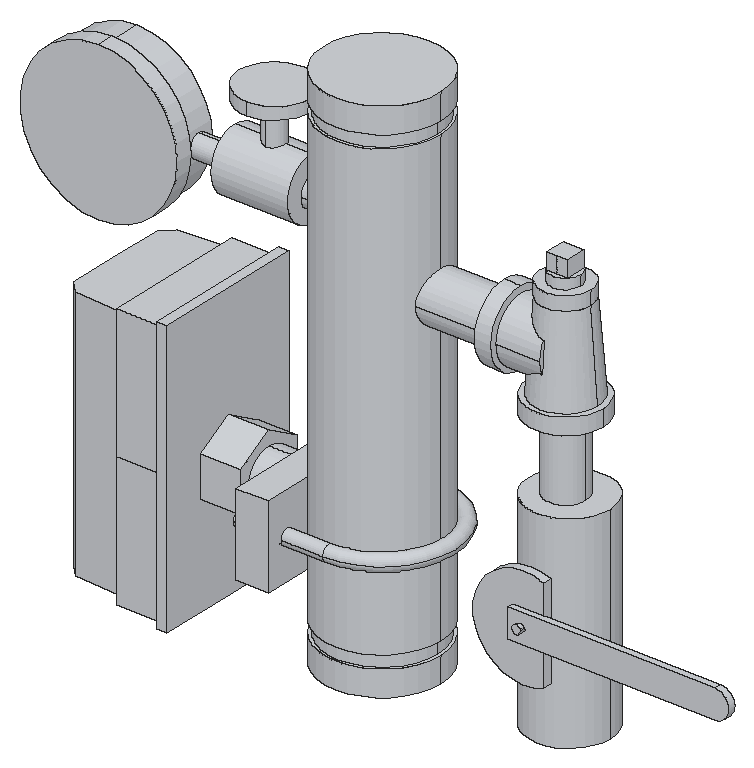
Revit family
Reference planes (in)
  plane 1 "Center (Front/Back)": y = 0
  plane 2: z = 0
  plane 3 "Center (Left/Right)": x = 0
Dimensions and locks (in)
  aligned and locked: plane 2 to level
Nested families (in)
  nested 1: "25FC" at (0, 0, 0), type "RASCO CR COMMERCIAL RISER"
Connectors (in)
  piping at (0, 0, 13)
    settings: on nested 1, index 1, connector radius 1 1/2", flow factor 0, pipe flow 0 GPM, pressure drop 0.00 psi, fitting loss kfactor 0, connector angle 0.00°, fixture units 0, flow configuration 0, flow direction 0, fitting loss method 0, system type 7, connector reference index -1, connector utility 0, adjustable connector no, is connector primary yes, fitting loss table "", connector description ""
  piping at (4.58942, 0.00505, 0.25)
    settings: on nested 1, index 2, connector radius 1", flow factor 0, pipe flow 0 GPM, pressure drop 0.00 psi, fitting loss kfactor 0, connector angle 0.00°, fixture units 0, flow configuration 0, flow direction 0, fitting loss method 0, system type 7, connector reference index -1, connector utility 0, adjustable connector no, is connector primary no, fitting loss table "", connector description ""
  piping at (0, 0, 0)
    settings: on nested 1, index 3, connector radius 1 1/2", flow factor 0, pipe flow 0 GPM, pressure drop 0.00 psi, fitting loss kfactor 0, connector angle 0.00°, fixture units 0, flow configuration 0, flow direction 0, fitting loss method 0, system type 7, connector reference index -1, connector utility 0, adjustable connector no, is connector primary no, fitting loss table "", connector description ""
Definition of nested family "25FC"
  Reference planes (in)
    plane 1 "Center (Front/Back)": y = 0
    plane 2: z = 0
    plane 3 "Center (Left/Right)": x = 0
    plane 4 "ref.1": z = 0.63009
    plane 5 "TOP": z = 13
    plane 6 "GRV": z = 12.375
    plane 7 "REF2": z = 0.94309
    plane 8: x = -8.25
    plane 9: x = 4.5
    plane 10: x = 9.75
  Forms (in)
    Extrusion 1, solid
      sketch origin (0, 0, 0) x (1, 0, 0) y (0, 1, 0)
        loop
          circle (0, 0) r 1.4375
      from 0 to 0.625
    Extrusion 2, solid
      sketch origin (1.7507, 0, 6.79134) x (-1, 0, 0) y (0, -1, 0)
        loop
          circle (-2.75, 0.00522) r 0.5
      from -1.50134 to 0.55
    Extrusion 3, solid
      sketch origin (1.73877, 0, 9.9493) x (-1, 0, 0) y (0, -1, 0)
        loop
          circle (-2.75, 0) r 0.375
      from 0 to 0.2412
    Extrusion 4, solid
      sketch origin (1.73587, 0, 9.9493) x (-1, 0, 0) y (0, -1, 0)
        loop
          line (-2.753, 0.25) -> (-3.003, 0.25) -> (-3.003, -0.25) -> (-2.503, -0.25) -> (-2.503, 0) -> (-2.503, 0.25) -> (-2.753, 0.25)
      from 0.2412 to 0.64184
    Extrusion 5, solid
      sketch origin (0, 0, 0.63009) x (-1, 0, 0) y (0, -1, 0)
        loop
          circle (0, 0) r 1.36
      from 0 to 0.313
    Extrusion 6, solid
      sketch origin (0, 0, 13) x (-1, 0, 0) y (0, -1, 0)
        loop
          circle (0, 0) r 1.4375
      from 0 to -0.625
    Extrusion 7, solid
      sketch origin (0, 0, 12.375) x (-1, 0, 0) y (0, -1, 0)
        loop
          circle (0, 0) r 1.36
      from 0 to -0.313
    Extrusion 8, solid
      sketch origin (0, 0, 0.94309) x (-1, 0, 0) y (0, -1, 0)
        loop
          circle (0, 0) r 1.4375
      from 0 to 11.11891
    Extrusion 9, solid
      sketch origin (0, 0, 0) x (0, 1, 0) y (0, 0, 1)
        loop
          circle (0, 9.75) r 0.375
      from 0 to -1.84889
    Extrusion 10, solid
      sketch origin (0, 0, 0) x (0, 1, 0) y (0, 0, 1)
        loop
          circle (0, 8.52128) r 0.625
      from 0 to 3.16129
    Extrusion 11, solid
      sketch origin (-0.34863, 0, -0.14731) x (0, 1, 0) y (0, 0, 1)
        loop
          line (-0.00807, 4.24845) -> (-2.18099, 4.24845) -> (-2.18099, 2.23289) -> (-0.00807, 2.23289) -> (2.1479, 2.23289) -> (2.1479, 4.24845) -> (-0.00807, 4.24845)
      from -0.70202 to -1.5
    Sweep 12, solid
      path origin (0.01124, -0.01472, 0.94309) x (-1, 0, 0) y (0, -1, 0)
        loop
          line (2.21091, 1.61048) -> (0.02076, 1.61048)
          arc (0.02076, 1.61048) -> (-1.60424, -0.01452) -> (0.02076, -1.63952) r 1.625
          line (0.02076, -1.63952) -> (2.21091, -1.63952)
      profile origin (-1.1046, 1.6248, 0.94309) x (0, -1, 0) y (0, 0, 1)
        loop
          circle (0, 2.14151) r 0.189
  Dimensions and locks (in)
    plane 5 "TOP" to level = 1' - 1"
    plane 10 to plane 8 = 1' - 6"
    Extrusion 6 to nested 3 = 1' - 0 3/4"
    aligned and locked: plane 2 to level
  Nested families (in)
    nested 1: "Gauge3" at (-5.80029, 0.39285, 3.84569), type "RASCO Gauge"
    nested 2: "Water Flow Detector" at (-5.10222, 0, -0.5752), type "Water Flow Detector"
    nested 3: "Test-Drain Valve" at (4.5, -0.3702, 0.25), type "Test-Drain Valve"
    nested 4: "tee3" at (4.5, 0, 7.05251), type "tee3"
    nested 5: "Globe Valve10" at (-1.5, 0, 9.07926), type "RASCO Globe Valve"
  Definition of nested family "Gauge3"
    Reference planes (in)
      plane 1 "Center (Front/Back)": y = 0
      plane 2: z = 0
      plane 3 "Center (Left/Right)": x = 0
      plane 4: z = 7.47962
      plane 5 "ref.2": y = -0.425
      plane 6 "ref.3": z = 5.65212
      plane 7 "refdt": y = -1.191
    Forms (in)
      Extrusion 1, solid
        sketch origin (6.95412, -1.191, 5.90312) x (0, 0, -1) y (-1, 0, 0)
          loop
            circle (0, 7.47962) r 1.9225
        from 0 to 0.425
      Extrusion 2, solid
        sketch origin (6.95412, -0.766, 5.90312) x (-1, 0, 0) y (0, 0, 1)
          loop
            circle (7.47962, 0) r 1.8275
        from 0 to 0.766
      Extrusion 3, solid
        sketch origin (2.43846, -1.191, 5.90312) x (0, 1, 0) y (0, 0, 1)
          loop
            circle (0.80101, 0) r 0.2725
        from 0 to -1.146
    Lines and regions (in)
      model lines
        curve 1: arc (-0.5255, -1.191, 4.25062) -> (-2.178, -1.191, 5.90312) -> (-0.5255, -1.191, 7.55562) r 1.6525
        curve 2: arc (-0.5255, -1.191, 4.42562) -> (-2.003, -1.191, 5.90312) -> (-0.5255, -1.191, 7.38062) r 1.4775
        curve 3: line (-0.5255, -1.191, 4.25062) -> (-0.5255, -1.191, 4.42562)
        curve 4: line (-0.5255, -1.191, 7.38062) -> (-0.5255, -1.191, 7.55562)
        curve 5: line (-0.32954, -1.191, 5.36925) -> (-1.42319, -1.191, 6.76906)
        curve 6: line (-1.42319, -1.191, 6.76906) -> (-0.17646, -1.191, 5.52233)
        curve 7: line (-0.17646, -1.191, 5.52233) -> (-0.32954, -1.191, 5.36925)
    Dimensions and locks (in)
      aligned and locked: plane 2 to level
  Definition of nested family "Water Flow Detector"
    Reference planes (in)
      plane 1 "Center (Front/Back)": y = 0
      plane 2: z = 0
      plane 3 "Center (Left/Right)": x = 0
    Forms (in)
      Extrusion 1, solid
        sketch origin (3.64489, -0.00807, 3.68167) x (0, 0, -1) y (0, -1, 0)
          loop
            circle (0, 0) r 0.655
        from 0 to 1.32768
      Extrusion 2, solid
        sketch origin (2.31721, -0.00807, 5.11447) x (0, -1, 0) y (0, 0, 1)
          loop
            line (0, -0.43279) -> (-0.86603, -0.93279) -> (-0.86603, -1.93279) -> (0, -2.43279) -> (0.86603, -1.93279) -> (0.86603, -0.93279) -> (0, -0.43279)
        from 0 to 1
      Extrusion 3, solid
        sketch origin (1.31721, -0.00404, 4.28167) x (0, 0, 1) y (0, 1, 0)
          loop
            line (-3.6, 0) -> (-3.6, -1.875) -> (3.15, -1.875) -> (3.15, 1.875) -> (-3.6, 1.875) -> (-3.6, 0)
        from 0 to 0.25
      Extrusion 4, solid
        sketch origin (1.06721, -0.00807, 3.68167) x (0, 0, 1) y (0, 1, 0)
          loop
            line (0.375, -1.765) -> (3.625, -1.765) -> (3.625, 1.765) -> (-2.89, 1.765) -> (-2.89, -1.765) -> (0.375, -1.765)
        from 0 to 1.062
      Extrusion 5, solid
        sketch origin (3.64477, -0.00807, 4.42051) x (-1, 0, 0) y (0, -1, 0)
          loop
            line (3.63968, 0) -> (3.63968, -1.627) -> (4.80895, -1.54524) -> (5.07768, -1.2765) -> (5.07768, 0) -> (5.07768, 1.2765) -> (4.80895, 1.54524) -> (3.63968, 1.627) -> (3.63968, 0)
        from -3.48722 to 2.75684
    Dimensions and locks (in)
      aligned and locked: plane 2 to level
  Definition of nested family "Test-Drain Valve"
    Parameters (values of type "Test-Drain Valve")
      Assembly Code = ""
    Reference planes (in)
      plane 1 "Center (Front/Back)": y = 0
      plane 2: z = 0
      plane 3 "Center (Left/Right)": x = 0
      plane 4 "ref.2": z = 1.03
    Forms (in)
      Extrusion 1, solid
        sketch origin (0.0978, 0.09564, 3.15774) x (1, 0, 0) y (0, 0, 1)
          loop
            circle (-0.00162, -0.38531) r 0.105
        from 0.56904 to 1.36107
      Extrusion 2, solid
        sketch origin (0.37389, -1.26543, 1.64423) x (0, 0, 1) y (-1, 0, 0)
          loop
            line (1.03, 0.56251) -> (0.78415, 0.56251) -> (0.78415, -4.51523)
            arc (0.78415, -4.51523) -> (1.13312, -4.8642) -> (1.48208, -4.51523) r 0.34897
            line (1.48208, -4.51523) -> (1.48208, 0.56251) -> (1.03, 0.56251)
        from -0.26148 to -0.09542
      Extrusion 3, solid
        sketch origin (0, 0, 0) x (1, 0, 0) y (0, 1, 0)
          loop
            circle (0.08942, 0.37525) r 1
        from 0 to 5.04
      Extrusion 4, solid
        sketch origin (0.27523, 0.78727, -0.10701) x (1, 0, 0) y (0, 0, 1)
          loop
            line (0.28512, 2.5) -> (0.28512, 3.93949)
            arc (0.28512, 3.93949) -> (-1.45413, 2.78922) -> (0.28512, 1.63894) r 1.25
            line (0.28512, 1.63894) -> (0.28512, 2.5)
        from 1.56371 to 1.79121
    Dimensions and locks (in)
      aligned and locked: plane 2 to level
  Definition of nested family "tee3"
    Parameters (values of type "tee3")
      Assembly Code = ""
    Reference planes (in)
      plane 1 "Center (Front/Back)": y = 0
      plane 2: z = 0
      plane 3 "Center (Left/Right)": x = 0
      plane 4 "ref.2": z = 0.4
      plane 5 "re.3": z = 2.00996
      plane 6: x = -1.5
    Forms (in)
      Extrusion 1, solid
        sketch origin (0, 0, 0) x (1, 0, 0) y (0, 1, 0)
          loop
            circle (0, 0) r 0.92
        from 0 to 0.4
      Blend 2, solid
        base sketch origin (0, 0, 0.4) x (-1, 0, 0) y (0, -1, 0)
          loop
            circle (0, 0) r 0.785
        top sketch origin (0, 0, 0.4) x (-1, 0, 0) y (0, -1, 0)
          loop
            circle (0, 0) r 0.6225
        from 0 to 2.16061
      Extrusion 3, solid
        sketch origin (-0.0036, 0, 2.00996) x (-1, 0, 0) y (0, -1, 0)
          loop
            circle (0, 0) r 0.6225
        from 0.88683 to 0.55064
      Extrusion 4, solid
        sketch origin (0, 0, 0.26952) x (0, 1, 0) y (0, 0, 1)
          loop
            circle (-0.00522, 1.18821) r 0.785
        from 0 to -1.1
      Extrusion 5, solid
        sketch origin (-1.1, 0, 1.47271) x (0, 0, 1) y (0, 1, 0)
          loop
            circle (0, 0) r 0.92
        from 0 to 0.4
    Dimensions and locks (in)
      aligned and locked: plane 2 to level
  Definition of nested family "Globe Valve10"
    Parameters (values of type "RASCO Globe Valve")
      Assembly Code = ""
    Reference planes (in)
      plane 1 "Center (Front/Back)": y = 0
      plane 2: z = 0
      plane 3 "Center (Left/Right)": x = 0
      plane 4 "ref. side": x = -0.5
      plane 5 "ref. side2": x = -1.734
      plane 6 "ref. side 4": x = -2.763
    Forms (in)
      Extrusion 1, solid
        sketch origin (-0.27216, -0.01249, 0.71909) x (0, 0, -1) y (0, -1, 0)
          loop
            circle (0, 0) r 0.75
        from -0.06079 to 1.82121
      Extrusion 2, solid
        sketch origin (-0.27501, -0.00978, 1.2975) x (0, 1, 0) y (-1, 0, 0)
          loop
            circle (0, 0.86289) r 0.265
        from -0.00766 to 1.234
      Extrusion 3, solid
        sketch origin (-0.28892, 0.00562, 2.36212) x (0, 1, 0) y (-1, 0, 0)
          loop
            circle (0, 0.85138) r 0.87523
        from 0 to 0.3
    Dimensions and locks (in)
      aligned and locked: plane 2 to level
